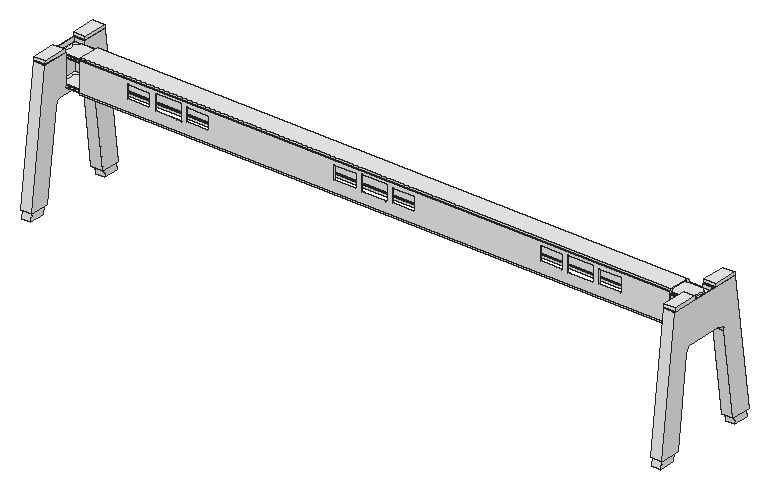
Revit family "Desk_Structures-Teknion-JNDBB_Structural_Beam_Low_Double_Sided-R2018", category Furniture, Revit 2018 (continued)
Dimensions and locks (in)
  Sweep 10 sketch curve to Sweep 10 sketch curve to Sweep 10 sketch curve to Sweep 10 sketch curve to Sweep 10 sketch curve to Sweep 10 sketch curve to plane 1 "Center Front/Back" to Sweep 10 sketch curve to Sweep 10 sketch curve to Sweep 10 sketch curve to Sweep 10 sketch curve to Sweep 10 sketch curve to Sweep 10 sketch curve = 2.17332" locked, 0.01555" locked, 0.04924" locked, 0.28346" locked, 2.85225" locked, 1.69291" locked, 1.69291" locked, 2.85225" locked, 0.28346" locked, 0.04924" locked, 0.01555" locked, 2.17332" locked
  "Side B Leg Center Offset": plane 10 to plane 12
  Sweep 11 sketch curve to plane 12 to Sweep 11 sketch curve = 0.750" locked, 0.750" locked
  Sweep 11 sketch curve to Sweep 11 sketch curve to Sweep 11 sketch curve to Sweep 11 sketch curve to Sweep 11 sketch curve to Sweep 11 sketch curve to Sweep 11 sketch curve to Sweep 11 sketch curve to Sweep 10 to plane 1 "Center Front/Back" to Sweep 10 to Sweep 11 sketch curve to Sweep 11 sketch curve to Sweep 11 sketch curve to Sweep 11 sketch curve to Sweep 11 sketch curve to Sweep 11 sketch curve to Sweep 11 sketch curve to Sweep 11 sketch curve = 2.17332" locked, 0.01555" locked, 0.04924" locked, 0.28346" locked, 1.43239" locked, 0.85521" locked, 0.000" locked, 0.56466" locked, 1.69291" locked, 1.69291" locked, 0.56466" locked, 0.000" locked, 0.85521" locked, 1.43239" locked, 0.28346" locked, 0.04924" locked, 0.01555" locked, 2.17332" locked
  Sweep 11 sketch curve to Sweep 11 sketch curve to Sweep 11 sketch curve to Sweep 11 sketch curve to Sweep 11 sketch curve to plane 8 "Top" to Sweep 11 sketch curve to Sweep 11 sketch curve to Sweep 11 sketch curve = 0.000" locked, 0.37402" locked, 0.000" locked, 0.11811" locked, 0.000" locked, 4.87795" locked, 11.63005" locked, 0.000" locked
  Sweep 12 sketch curve to Sweep 12 sketch curve to plane 8 "Top" = 0.11811" locked, 0.000" locked
  Sweep 12 sketch curve to Sweep 12 sketch curve to plane 11 to Sweep 12 sketch curve to Sweep 12 sketch curve = 0.000" locked, 0.69094" locked, 0.69094" locked, 0.000" locked
  Sweep 12 sketch curve to Sweep 12 sketch curve to plane 1 "Center Front/Back" to Sweep 12 sketch curve to Sweep 12 sketch curve = 3.07666" locked, 1.69291" locked, 1.69291" locked, 3.07666" locked
  Sweep 13 sketch curve to Sweep 13 sketch curve to plane 8 "Top" = 0.11811" locked, 0.000" locked
  Sweep 13 sketch curve to Sweep 13 sketch curve to plane 12 to Sweep 13 sketch curve to Sweep 13 sketch curve = 0.000" locked, 0.69094" locked, 0.69094" locked, 0.000" locked
  Sweep 13 sketch curve to Sweep 13 sketch curve to plane 1 "Center Front/Back" to Sweep 13 sketch curve to Sweep 13 sketch curve = 3.07666" locked, 1.69291" locked, 1.69291" locked, 3.07666" locked
  Sweep 14 sketch curve to plane 11 to Sweep 14 sketch curve = 0.59252" locked, 0.59252" locked
  Sweep 14 sketch curve to Sweep 14 sketch curve to level to Sweep 14 sketch curve to Sweep 14 sketch curve = 0.000" locked, 1.000" locked, 0.000" locked, 0.000" locked
  Sweep 14 sketch curve to Sweep 14 sketch curve to Sweep 14 sketch curve to Sweep 14 sketch curve to plane 1 "Center Front/Back" to Sweep 14 sketch curve to Sweep 14 sketch curve to Sweep 14 sketch curve to Sweep 14 sketch curve = 0.13165" locked, 1.91559" locked, 0.13165" locked, 4.8817" locked, 4.8817" locked, 0.13165" locked, 1.91559" locked, 0.13165" locked
  Sweep 15 sketch curve to plane 12 to Sweep 15 sketch curve = 0.59252" locked, 0.59252" locked
  Sweep 15 sketch curve to Sweep 15 sketch curve to Sweep 15 sketch curve to Sweep 15 sketch curve to level = 0.000" locked, 1.000" locked, 0.000" locked, 0.000" locked
  Sweep 15 sketch curve to Sweep 15 sketch curve to Sweep 15 sketch curve to Sweep 15 sketch curve to plane 1 "Center Front/Back" to Sweep 15 sketch curve to Sweep 15 sketch curve to Sweep 15 sketch curve to Sweep 15 sketch curve = 0.13165" locked, 1.91559" locked, 0.13165" locked, 4.8817" locked, 4.8817" locked, 0.13165" locked, 1.91559" locked, 0.13165" locked
  "Side A Leg Center Offset": Sweep 16 sketch curve to Sweep 16 sketch curve
  locked: plane 11 to Sweep 16 sketch curve at 2.00411
  locked: Sweep 16 sketch curve to plane 8 "Top" at 0
  Sweep 16 sketch curve to plane 1 "Center Front/Back" to Sweep 16 sketch curve = 1.5748" locked, 1.5748" locked
  "Side A Leg Cutout Offset": plane 8 "Top" to Sweep 16 sketch curve
  "Side B Leg Center Offset": Sweep 17 sketch curve to Sweep 17 sketch curve
  locked: Sweep 17 sketch curve to plane 12 at 2.004
  locked: plane 8 "Top" to Sweep 17 sketch curve at 0
  Sweep 17 sketch curve to plane 1 "Center Front/Back" to Sweep 17 sketch curve = 1.5748" locked, 1.5748" locked
  "Side B Leg Cutout Offset": plane 8 "Top" to Sweep 17 sketch curve
  Sweep 18 sketch curve to plane 1 "Center Front/Back" to Sweep 18 sketch curve = 1.5748" locked, 1.5748" locked
  plane 9 to Sweep 18 sketch curve to Sweep 18 sketch curve to Sweep 18 sketch curve to Sweep 18 sketch curve = 0.11828" locked, 0.000" locked, 3.0315" locked, 0.11811" locked
  plane 8 "Top" to Sweep 18 sketch curve to Sweep 18 sketch curve to Sweep 18 sketch curve to Sweep 18 sketch curve = 0.43307" locked, 0.11811" locked, 3.35433" locked, 0.11949" locked
  Sweep 19 sketch curve to plane 1 "Center Front/Back" to Sweep 19 sketch curve = 1.5748" locked, 1.5748" locked
  Sweep 19 sketch curve to Sweep 19 sketch curve to Sweep 19 sketch curve to Sweep 19 sketch curve to plane 10 = 0.11811" locked, 3.0315" locked, 0.000" locked, 0.11828" locked
  plane 8 "Top" to Sweep 19 sketch curve to Sweep 19 sketch curve to Sweep 19 sketch curve to Sweep 19 sketch curve = 0.43307" locked, 0.11811" locked, 3.35433" locked, 0.11949" locked
  Sweep 20 sketch curve to Sweep 20 sketch curve to plane 9 = 6.29921" locked, 0.23639" locked
  plane 8 "Top" to Sweep 20 sketch curve to Sweep 20 sketch curve to Sweep 20 sketch curve to Sweep 20 sketch curve = 0.43307" locked, 0.11811" locked, 3.35433" locked, 0.11949" locked
  Sweep 20 sketch curve to Sweep 20 sketch curve to plane 1 "Center Front/Back" to Sweep 20 sketch curve to Sweep 20 sketch curve = 0.000" locked, 1.5748" locked, 1.5748" locked, 0.000" locked
  Sweep 21 sketch curve to Sweep 21 sketch curve to plane 9 = 3.14961" locked, 1.8112" locked
  Sweep 21 sketch curve to Sweep 21 sketch curve to plane 1 "Center Front/Back" to Sweep 21 sketch curve to Sweep 21 sketch curve = 0.11811" locked, 1.45669" locked, 1.45669" locked, 0.11811" locked
  plane 8 "Top" to Sweep 21 sketch curve to Sweep 21 sketch curve to Sweep 21 sketch curve to Sweep 21 sketch curve = 0.55118" locked, 0.000" locked, 3.35433" locked, 0.000" locked
  plane 10 to Sweep 22 sketch curve to Sweep 22 sketch curve = 0.23639" locked, 6.29921" locked
  Sweep 22 sketch curve to Sweep 22 sketch curve to plane 1 "Center Front/Back" to Sweep 22 sketch curve to Sweep 22 sketch curve = 0.000" locked, 1.5748" locked, 1.5748" locked, 0.000" locked
  plane 8 "Top" to Sweep 22 sketch curve to Sweep 22 sketch curve to Sweep 22 sketch curve to Sweep 22 sketch curve = 0.43307" locked, 0.11793" locked, 3.35451" locked, 0.11949" locked
  plane 10 to Sweep 23 sketch curve to Sweep 23 sketch curve = 1.8112", 3.14961"
  Sweep 23 sketch curve to Sweep 23 sketch curve to Sweep 23 sketch curve to Sweep 23 sketch curve = 0.11811" locked, 2.91339" locked, 0.11811" locked
  plane 8 "Top" to Sweep 23 sketch curve to Sweep 23 sketch curve to Sweep 23 sketch curve to Sweep 23 sketch curve = 0.55118" locked, 0.000" locked, 3.35433" locked, 0.000" locked
  plane 8 "Top" to Sweep 24 sketch curve to Sweep 24 sketch curve = 0.43307" locked, 0.18812" locked
  Sweep 24 sketch curve to Sweep 24 sketch curve to Sweep 24 sketch curve to Sweep 24 sketch curve to Sweep 24 sketch curve to plane 9 = 2.08846" locked, 0.63917" locked, 1.17925" locked, 2.3585" locked, 0.11828" locked
  Sweep 24 sketch curve to plane 1 "Center Front/Back" to Sweep 24 sketch curve to Sweep 24 sketch curve to Sweep 24 sketch curve = 1.5748" locked, 1.5748" locked, 0.46772" locked, 1.5748" locked
  plane 8 "Top" to Sweep 25 sketch curve to Sweep 25 sketch curve = 3.90551" locked, 0.18812" locked
  Sweep 25 sketch curve to Sweep 25 sketch curve to Sweep 25 sketch curve to Sweep 25 sketch curve to Sweep 25 sketch curve to plane 9 = 2.08846" locked, 0.63917" locked, 1.17925" locked, 2.3585" locked, 0.11828" locked
  Sweep 25 sketch curve to Sweep 25 sketch curve to Sweep 25 sketch curve to plane 1 "Center Front/Back" to Sweep 25 sketch curve = 1.5748" locked, 0.46772" locked, 1.5748" locked, 1.5748" locked
  plane 8 "Top" to Sweep 26 sketch curve to Sweep 26 sketch curve = 0.62119" locked, 3.28432" locked
  Sweep 26 sketch curve to Sweep 26 sketch curve to Sweep 26 sketch curve to Sweep 26 sketch curve to Sweep 26 sketch curve to plane 9 = 0.10229" locked, 0.32551" locked, 0.06819" locked, 0.7874" locked, 1.68939" locked
  Sweep 26 sketch curve to Sweep 26 sketch curve to Sweep 26 sketch curve to Sweep 26 sketch curve to plane 1 "Center Front/Back" = 0.05906" locked, 0.62285" locked, 0.11811" locked, 1.45669" locked
  plane 8 "Top" to Sweep 27 sketch curve to Sweep 27 sketch curve = 0.000" locked, 4.33083" locked
  Sweep 27 sketch curve to Sweep 27 sketch curve to Sweep 27 sketch curve to Sweep 27 sketch curve to Sweep 27 sketch curve to plane 9 = 0.10229" locked, 0.87519" locked, 0.06819" locked, 1.88677" locked, 2.40844" locked
  Sweep 27 sketch curve to Sweep 27 sketch curve to plane 1 "Center Front/Back" to Sweep 27 sketch curve to Sweep 27 sketch curve = 0.05906" locked, 0.00013" locked, 1.5748" locked, 0.11811" locked
  equal spacing: plane 8 "Top", Sweep 28 sketch curve, Sweep 28 sketch curve
  Sweep 28 sketch curve to Sweep 28 sketch curve to Sweep 28 sketch curve to Sweep 28 sketch curve to plane 9 = 0.750" locked, 0.54904" locked, 0.750" locked, 2.36148" locked
  Sweep 28 sketch curve to Sweep 28 sketch curve to plane 1 "Center Front/Back" to Sweep 28 sketch curve to Sweep 28 sketch curve = 0.750" locked, 0.27452" locked, 0.27452" locked, 0.750" locked
  plane 8 "Top" to Sweep 29 sketch curve to Sweep 29 sketch curve = 16.508" locked, 1.000" locked
  Sweep 29 sketch curve to Sweep 29 sketch curve to Sweep 29 sketch curve to Sweep 29 sketch curve to plane 9 = 0.60433" locked, 0.4424" locked, 0.60433" locked, 2.56047" locked
  Sweep 29 sketch curve to Sweep 29 sketch curve to plane 1 "Center Front/Back" to Sweep 29 sketch curve to Sweep 29 sketch curve = 0.60433" locked, 0.2212" locked, 0.2212" locked, 0.60433" locked
  Sweep 30 sketch curve to plane 8 "Top" to Sweep 30 sketch curve = 0.492" locked, 0.000" locked
  Sweep 30 sketch curve to Sweep 30 sketch curve to Sweep 30 sketch curve to plane 9 = 0.9774" locked, 1.95481" locked, 2.4086" locked
  Sweep 30 sketch curve to plane 1 "Center Front/Back" to Sweep 30 sketch curve to Sweep 30 sketch curve = 1.69291" locked, 0.000" locked, 1.69291" locked
  plane 8 "Top" to Sweep 31 sketch curve to Sweep 31 sketch curve = 0.43307" locked, 0.18812" locked
  Sweep 31 sketch curve to Sweep 31 sketch curve to Sweep 31 sketch curve to plane 1 "Center Front/Back" to Sweep 31 sketch curve = 1.5748" locked, 0.46772" locked, 1.5748" locked, 1.5748" locked
  plane 10 to Sweep 31 sketch curve to Sweep 31 sketch curve to Sweep 31 sketch curve to Sweep 31 sketch curve to Sweep 31 sketch curve = 0.11828" locked, 2.3585" locked, 1.17925" locked, 0.63917" locked, 2.08846" locked
  plane 8 "Top" to Sweep 32 sketch curve to Sweep 32 sketch curve = 3.90551" locked, 0.18812" locked
  plane 10 to Sweep 32 sketch curve to Sweep 32 sketch curve to Sweep 32 sketch curve to Sweep 32 sketch curve to Sweep 32 sketch curve = 0.11828" locked, 2.3585" locked, 1.17925" locked, 0.63917" locked, 2.08846" locked
  Sweep 32 sketch curve to Sweep 32 sketch curve to Sweep 32 sketch curve to plane 1 "Center Front/Back" to Sweep 32 sketch curve = 1.5748" locked, 0.46772" locked, 1.5748" locked, 1.5748" locked
  plane 8 "Top" to Sweep 33 sketch curve to Sweep 33 sketch curve = 0.62119" locked, 3.28432" locked
  plane 10 to Sweep 33 sketch curve to Sweep 33 sketch curve to Sweep 33 sketch curve to Sweep 33 sketch curve to Sweep 33 sketch curve = 1.68939" locked, 0.7874" locked, 0.06819" locked, 0.32551" locked, 0.10229" locked
  Sweep 33 sketch curve to Sweep 33 sketch curve to Sweep 33 sketch curve to Sweep 33 sketch curve to plane 1 "Center Front/Back" = 0.05906" locked, 0.62285" locked, 0.11811" locked, 1.45669" locked
  plane 8 "Top" to Sweep 34 sketch curve to Sweep 34 sketch curve = 0.000" locked, 4.33083" locked
  plane 10 to Sweep 34 sketch curve to Sweep 34 sketch curve to Sweep 34 sketch curve to Sweep 34 sketch curve to Sweep 34 sketch curve = 2.4086" locked, 1.88662" locked, 0.06819" locked, 0.87512" locked, 0.10229" locked
  Sweep 34 sketch curve to plane 1 "Center Front/Back" to Sweep 34 sketch curve to Sweep 34 sketch curve to Sweep 34 sketch curve = 0.05906" locked, 0.000" locked, 1.5748" locked, 0.11811" locked
  plane 8 "Top" to Sweep 35 sketch curve to Sweep 35 sketch curve = 4.09363" locked, 12.41437" locked
  plane 10 to Sweep 35 sketch curve to Sweep 35 sketch curve to Sweep 35 sketch curve to Sweep 35 sketch curve = 2.36148" locked, 0.750" locked, 0.54904" locked, 0.750" locked
  Sweep 35 sketch curve to Sweep 35 sketch curve to plane 1 "Center Front/Back" to Sweep 35 sketch curve to Sweep 35 sketch curve = 0.750" locked, 0.27452" locked, 0.27452" locked, 0.750" locked
  plane 8 "Top" to Sweep 36 sketch curve to Sweep 36 sketch curve = 16.508" locked, 1.000" locked
  plane 10 to Sweep 36 sketch curve to Sweep 36 sketch curve to Sweep 36 sketch curve to Sweep 36 sketch curve = 2.56047" locked, 0.60433" locked, 0.4424" locked, 0.60433" locked
  Sweep 36 sketch curve to Sweep 36 sketch curve to plane 1 "Center Front/Back" to Sweep 36 sketch curve to Sweep 36 sketch curve = 0.60433" locked, 0.2212" locked, 0.2212" locked, 0.60433" locked
  Sweep 37 sketch curve to plane 8 "Top" to Sweep 37 sketch curve = 0.49213" locked, 0.000" locked
  plane 10 to Sweep 37 sketch curve to Sweep 37 sketch curve to Sweep 37 sketch curve = 2.4086" locked, 1.95481" locked, 0.9774" locked
  Sweep 37 sketch curve to plane 1 "Center Front/Back" to Sweep 37 sketch curve to Sweep 37 sketch curve = 1.69291" locked, 0.000" locked, 1.69291" locked
  plane 8 "Top" to Sweep 38 sketch curve to Sweep 38 sketch curve = 0.43307" locked, 0.18812" locked
  Sweep 38 sketch curve to Sweep 38 sketch curve to Sweep 38 sketch curve to Sweep 38 sketch curve to Sweep 38 sketch curve to Sweep 38 sketch curve to Sweep 38 sketch curve to Sweep 38 sketch curve to plane 9 = 0.000" locked, 1.17925" locked, 1.54839" locked, 0.000" locked, 1.17925" locked, 0.000" locked, 2.3585" locked, 0.11828" locked
  Sweep 38 sketch curve to Sweep 38 sketch curve to Sweep 38 sketch curve to plane 1 "Center Front/Back" to Sweep 38 sketch curve to Sweep 38 sketch curve to Sweep 38 sketch curve to Sweep 38 sketch curve = 1.5748" locked, 0.46772" locked, 1.5748" locked, 0.000" locked, 1.5748" locked, 0.46772" locked, 1.5748" locked
  plane 8 "Top" to Sweep 39 sketch curve to Sweep 39 sketch curve = 3.90551" locked, 0.18812" locked
  Sweep 39 sketch curve to Sweep 39 sketch curve to Sweep 39 sketch curve to plane 1 "Center Front/Back" to Sweep 39 sketch curve to Sweep 39 sketch curve to Sweep 39 sketch curve to Sweep 39 sketch curve = 1.5748" locked, 0.46772" locked, 1.5748" locked, 0.000" locked, 1.5748" locked, 0.46772" locked, 1.5748" locked
  Sweep 39 sketch curve to Sweep 39 sketch curve to Sweep 39 sketch curve to Sweep 39 sketch curve to Sweep 39 sketch curve to Sweep 39 sketch curve to Sweep 39 sketch curve to Sweep 39 sketch curve to plane 9 = 0.000" locked, 1.17925" locked, 1.54839" locked, 0.000" locked, 1.17925" locked, 0.000" locked, 2.3585" locked, 0.11828" locked
  plane 8 "Top" to Sweep 40 sketch curve to Sweep 40 sketch curve = 0.62119" locked, 3.28432" locked
  Sweep 40 sketch curve to Sweep 40 sketch curve to Sweep 40 sketch curve to Sweep 40 sketch curve to Sweep 40 sketch curve to Sweep 40 sketch curve to Sweep 40 sketch curve to Sweep 40 sketch curve to Sweep 40 sketch curve to Sweep 40 sketch curve to Sweep 40 sketch curve to Sweep 40 sketch curve to Sweep 40 sketch curve to Sweep 40 sketch curve to Sweep 40 sketch curve to Sweep 40 sketch curve to plane 9 = 0.000" locked, 0.09206" locked, 0.000" locked, 0.30164" locked, 0.12274" locked, 2.11914" locked, 0.000" locked, 0.09206" locked, 0.000" locked, 0.33233" locked, 0.000" locked, 0.06137" locked, 0.000" locked, 0.7874" locked, 0.000" locked, 1.68939" locked
  Sweep 40 sketch curve to Sweep 40 sketch curve to Sweep 40 sketch curve to Sweep 40 sketch curve to Sweep 40 sketch curve to Sweep 40 sketch curve to plane 1 "Center Front/Back" to Sweep 40 sketch curve to Sweep 40 sketch curve to Sweep 40 sketch curve to Sweep 40 sketch curve to Sweep 40 sketch curve to Sweep 40 sketch curve to Sweep 40 sketch curve to Sweep 40 sketch curve = 0.05315" locked, 0.62876" locked, 0.1063" locked, 0.73344" locked, 0.05315" locked, 0.68191" locked, 0.000" locked, 0.000" locked, 0.68191" locked, 0.05315" locked, 0.73344" locked, 0.1063" locked, 0.62876" locked, 0.05315" locked
  plane 8 "Top" to Sweep 41 sketch curve to Sweep 41 sketch curve = 4.09363" locked, 12.41437" locked
  Sweep 41 sketch curve to Sweep 41 sketch curve to plane 9 = 1.500" locked, 2.636" locked
  Sweep 41 sketch curve to plane 1 "Center Front/Back" to Sweep 41 sketch curve = 0.75008" locked, 0.750" locked
  Sweep 42 sketch curve to Sweep 42 sketch curve to plane 8 "Top" = 1.000" locked, 16.508" locked
  Sweep 42 sketch curve to Sweep 42 sketch curve to plane 9 = 1.20866" locked, 2.78167" locked
  Sweep 42 sketch curve to plane 1 "Center Front/Back" to Sweep 42 sketch curve = 0.60433" locked, 0.60433" locked
  Sweep 43 sketch curve to plane 8 "Top" to Sweep 43 sketch curve = 0.492" locked, 0.000" locked
  Sweep 43 sketch curve to Sweep 43 sketch curve to plane 9 = 2.93221" locked, 2.4086" locked
  Sweep 43 sketch curve to plane 1 "Center Front/Back" to Sweep 43 sketch curve to Sweep 43 sketch curve = 1.69291" locked, 0.000" locked, 1.69291" locked
  plane 8 "Top" to Sweep 44 sketch curve to Sweep 44 sketch curve = 0.43307" locked, 0.18812" locked
  plane 10 to Sweep 44 sketch curve to Sweep 44 sketch curve to Sweep 44 sketch curve to Sweep 44 sketch curve to Sweep 44 sketch curve to Sweep 44 sketch curve to Sweep 44 sketch curve to Sweep 44 sketch curve = 0.11828" locked, 2.3585" locked, 0.000" locked, 1.17925" locked, 0.000" locked, 1.54839" locked, 1.17925" locked, 0.000" locked
  Sweep 44 sketch curve to Sweep 44 sketch curve to Sweep 44 sketch curve to plane 1 "Center Front/Back" to Sweep 44 sketch curve to Sweep 44 sketch curve to Sweep 44 sketch curve to Sweep 44 sketch curve = 1.5748" locked, 0.46772" locked, 1.5748" locked, 0.000" locked, 1.5748" locked, 0.46772" locked, 1.5748" locked
  plane 8 "Top" to Sweep 45 sketch curve to Sweep 45 sketch curve = 3.90551" locked, 0.18812" locked
  plane 10 to Sweep 45 sketch curve to Sweep 45 sketch curve to Sweep 45 sketch curve to Sweep 45 sketch curve to Sweep 45 sketch curve to Sweep 45 sketch curve to Sweep 45 sketch curve to Sweep 45 sketch curve = 0.11828" locked, 2.3585" locked, 0.000" locked, 1.17925" locked, 0.000" locked, 1.54839" locked, 1.17925" locked, 0.000" locked
  Sweep 45 sketch curve to Sweep 45 sketch curve to Sweep 45 sketch curve to plane 1 "Center Front/Back" to Sweep 45 sketch curve to Sweep 45 sketch curve to Sweep 45 sketch curve to Sweep 45 sketch curve = 1.5748" locked, 0.46772" locked, 1.5748" locked, 0.000" locked, 1.5748" locked, 0.46772" locked, 1.5748" locked
  plane 8 "Top" to Sweep 46 sketch curve to Sweep 46 sketch curve = 0.62119" locked, 3.28432" locked
  plane 10 to Sweep 46 sketch curve to Sweep 46 sketch curve to Sweep 46 sketch curve to Sweep 46 sketch curve to Sweep 46 sketch curve to Sweep 46 sketch curve to Sweep 46 sketch curve to Sweep 46 sketch curve to Sweep 46 sketch curve to Sweep 46 sketch curve to Sweep 46 sketch curve to Sweep 46 sketch curve to Sweep 46 sketch curve to Sweep 46 sketch curve to Sweep 46 sketch curve to Sweep 46 sketch curve = 1.68939" locked, 0.000" locked, 0.7874" locked, 0.000" locked, 0.06137" locked, 0.000" locked, 0.33233" locked, 0.000" locked, 0.09206" locked, 0.000" locked, 2.11914" locked, 0.12274" locked, 0.30164" locked, 0.000" locked, 0.09206" locked, 0.000" locked
  Sweep 46 sketch curve to Sweep 46 sketch curve to Sweep 46 sketch curve to Sweep 46 sketch curve to Sweep 46 sketch curve to Sweep 46 sketch curve to plane 1 "Center Front/Back" to Sweep 46 sketch curve to Sweep 46 sketch curve to Sweep 46 sketch curve to Sweep 46 sketch curve to Sweep 46 sketch curve to Sweep 46 sketch curve to Sweep 46 sketch curve to Sweep 46 sketch curve = 0.05315" locked, 0.62876" locked, 0.1063" locked, 0.73344" locked, 0.05315" locked, 0.68191" locked, 0.000" locked, 0.000" locked, 0.68191" locked, 0.05315" locked, 0.73344" locked, 0.1063" locked, 0.62876" locked, 0.05315" locked
  plane 8 "Top" to Sweep 47 sketch curve to Sweep 47 sketch curve = 4.09363" locked, 12.41437" locked
  plane 10 to Sweep 47 sketch curve to Sweep 47 sketch curve = 2.636" locked, 1.500" locked
  Sweep 47 sketch curve to plane 1 "Center Front/Back" to Sweep 47 sketch curve = 0.750" locked, 0.750" locked
  plane 8 "Top" to Sweep 48 sketch curve to Sweep 48 sketch curve = 16.508" locked, 1.000" locked
  plane 10 to Sweep 48 sketch curve to Sweep 48 sketch curve = 2.78167" locked, 1.20866" locked
  Sweep 48 sketch curve to plane 1 "Center Front/Back" to Sweep 48 sketch curve = 0.60433" locked, 0.60433" locked
  Sweep 49 sketch curve to plane 8 "Top" to Sweep 49 sketch curve = 0.49213" locked, 0.000" locked
  plane 10 to Sweep 49 sketch curve to Sweep 49 sketch curve = 2.4086" locked, 2.93221" locked
  Sweep 49 sketch curve to plane 1 "Center Front/Back" to Sweep 49 sketch curve to Sweep 49 sketch curve = 1.69291" locked, 0.000" locked, 1.69291" locked
  equal spacing: plane 6 "Back", plane 1 "Center Front/Back", plane 7 "Front"
  Masking region 1 sketch curve to plane 1 "Center Front/Back" to Masking region 1 sketch curve = 1.3248" locked, 1.3248" locked
  Masking region 2 sketch curve to Masking region 2 sketch curve to plane 1 "Center Front/Back" to Masking region 2 sketch curve to Masking region 2 sketch curve = 0.25249" locked, 1.3248" locked, 1.3248" locked, 0.250" locked
  plane 9 to Masking region 2 sketch curve to Masking region 2 sketch curve = 0.000" locked, 0.000" locked
  plane 10 to Masking region 2 sketch curve to Masking region 2 sketch curve = 0.000" locked, 0.000" locked
  Masking region 3 sketch curve to Masking region 3 sketch curve to plane 1 "Center Front/Back" to Masking region 3 sketch curve to Masking region 3 sketch curve = 0.11551" locked, 1.5773" locked, 1.5748" locked, 0.118" locked
  plane 9 to Masking region 3 sketch curve to Masking region 3 sketch curve = 0.000" locked, 0.000" locked
  plane 10 to Masking region 3 sketch curve to Masking region 3 sketch curve = 0.000" locked, 0.000" locked
  Masking region 4 sketch curve to plane 10 to Masking region 4 sketch curve to Masking region 4 sketch curve to Masking region 4 sketch curve to Masking region 4 sketch curve to Masking region 4 sketch curve = 0.000" locked, 2.06127" locked, 0.000" locked, 0.62883" locked, 0.000" locked, 0.82337" locked
  Masking region 4 sketch curve to Masking region 4 sketch curve to plane 1 "Center Front/Back" to Masking region 4 sketch curve to Masking region 4 sketch curve = 0.62883" locked, 0.69597" locked, 0.69597" locked, 0.62883" locked  (x2)
  Masking region 4 sketch curve to Masking region 4 sketch curve to Masking region 4 sketch curve to Masking region 4 sketch curve to Masking region 4 sketch curve to plane 9 to Masking region 4 sketch curve = 0.82337" locked, 0.000" locked, 0.62883" locked, 0.000" locked, 2.06127" locked, 0.000" locked
  Masking region 6 sketch curve to Masking region 6 sketch curve to Masking region 6 sketch curve to Masking region 6 sketch curve to plane 9 = 0.11811" locked, 1.38189" locked, 0.000" locked, 1.886" locked
  Masking region 6 sketch curve to Masking region 6 sketch curve to plane 1 "Center Front/Back" to Masking region 6 sketch curve to Masking region 6 sketch curve = 0.11811" locked, 1.5748" locked, 1.5748" locked, 0.11811" locked
  Masking region 7 sketch curve to Masking region 7 sketch curve to Masking region 7 sketch curve to Masking region 7 sketch curve to Masking region 7 sketch curve to Masking region 7 sketch curve to Masking region 7 sketch curve to Masking region 7 sketch curve to plane 9 = 0.24558" locked, 0.57778" locked, 0.000" locked, 0.62883" locked, 0.000" locked, 1.94299" locked, 0.000" locked, 0.11828" locked
  Masking region 7 sketch curve to Masking region 7 sketch curve to Masking region 7 sketch curve to plane 1 "Center Front/Back" to Masking region 7 sketch curve to Masking region 7 sketch curve to Masking region 7 sketch curve = 0.250" locked, 0.62883" locked, 0.69597" locked, 0.69597" locked, 0.62883" locked, 0.250" locked
  Masking region 8 sketch curve to Masking region 8 sketch curve to plane 11 to Masking region 8 sketch curve to Masking region 8 sketch curve = 0.000" locked, 0.750" locked, 0.750" locked, 0.000" locked
  Masking region 8 sketch curve to Masking region 8 sketch curve to plane 1 "Center Front/Back" to Masking region 8 sketch curve to Masking region 8 sketch curve = 2.23197" locked, 4.82863" locked, 4.82863" locked, 2.23197" locked
  Masking region 9 sketch curve to Masking region 9 sketch curve to Masking region 9 sketch curve to Masking region 9 sketch curve to Masking region 9 sketch curve to Masking region 9 sketch curve to Masking region 9 sketch curve to Masking region 9 sketch curve to Masking region 9 sketch curve to Masking region 9 sketch curve to Masking region 9 sketch curve to Masking region 9 sketch curve to Masking region 9 sketch curve to Masking region 9 sketch curve to plane 9 = 0.000" locked, 1.82488" locked, 0.000" locked, 0.62883" locked, 0.000" locked, 0.56842" locked, 0.25495" locked, 0.56842" locked, 0.000" locked, 0.62883" locked, 0.000" locked, 1.82488" locked, 0.000" locked, 0.23639" locked
  Masking region 9 sketch curve to Masking region 9 sketch curve to Masking region 9 sketch curve to Masking region 9 sketch curve to Masking region 9 sketch curve to plane 1 "Center Front/Back" to Masking region 9 sketch curve to Masking region 9 sketch curve to Masking region 9 sketch curve to Masking region 9 sketch curve to Masking region 9 sketch curve = 0.250" locked, 0.000" locked, 0.62883" locked, 0.000" locked, 0.69597" locked, 0.69597" locked, 0.000" locked, 0.62883" locked, 0.000" locked, 0.250" locked
  Masking region 10 sketch curve to Masking region 10 sketch curve to plane 11 to Masking region 10 sketch curve to Masking region 10 sketch curve = 0.000" locked, 0.750" locked, 0.750" locked, 0.000" locked
  Masking region 10 sketch curve to Masking region 10 sketch curve to plane 1 "Center Front/Back" to Masking region 10 sketch curve to Masking region 10 sketch curve = 0.11811" locked, 1.5748" locked, 1.5748" locked, 0.11811" locked
  Masking region 5 sketch curve to Masking region 5 sketch curve to plane 11 to Masking region 5 sketch curve to Masking region 5 sketch curve = 0.000" locked, 0.750" locked, 0.750" locked, 0.000" locked
  Masking region 5 sketch curve to Masking region 5 sketch curve to plane 1 "Center Front/Back" to Masking region 5 sketch curve to Masking region 5 sketch curve = 3.13572" locked, 1.69291" locked, 1.69291" locked, 3.13572" locked
  Masking region 11 sketch curve to Masking region 11 sketch curve to Masking region 11 sketch curve to Masking region 11 sketch curve to Masking region 11 sketch curve to Masking region 11 sketch curve to Masking region 11 sketch curve to Masking region 11 sketch curve to Masking region 11 sketch curve to Masking region 11 sketch curve to Masking region 11 sketch curve to Masking region 11 sketch curve to Masking region 11 sketch curve to Masking region 11 sketch curve to Masking region 11 sketch curve to Masking region 11 sketch curve to Masking region 11 sketch curve to Masking region 11 sketch curve to Masking region 11 sketch curve to Masking region 11 sketch curve to Masking region 11 sketch curve to Masking region 11 sketch curve to Masking region 11 sketch curve to Masking region 11 sketch curve to Masking region 11 sketch curve to Masking region 11 sketch curve to plane 9 = 0.000" locked, 0.21651" locked, 0.000" locked, 0.92865" locked, 0.000" locked, 0.04284" locked, 0.000" locked, 0.47445" locked, 0.000" locked, 0.84868" locked, 0.000" locked, 0.21651" locked, 0.000" locked, 0.62786" locked, 0.000" locked, 0.12713" locked, 0.000" locked, 0.39017" locked, 0.000" locked, 0.10229" locked, 0.000" locked, 0.34732" locked, 0.000" locked, 1.94299" locked, 0.000" locked, 0.11828" locked
  Masking region 11 sketch curve to Masking region 11 sketch curve to Masking region 11 sketch curve to Masking region 11 sketch curve to Masking region 11 sketch curve to Masking region 11 sketch curve to Masking region 11 sketch curve to Masking region 11 sketch curve to Masking region 11 sketch curve to Masking region 11 sketch curve to Masking region 11 sketch curve to Masking region 11 sketch curve to plane 1 "Center Front/Back" to Masking region 11 sketch curve to Masking region 11 sketch curve to Masking region 11 sketch curve to Masking region 11 sketch curve to Masking region 11 sketch curve to Masking region 11 sketch curve to Masking region 11 sketch curve to Masking region 11 sketch curve to Masking region 11 sketch curve to Masking region 11 sketch curve to Masking region 11 sketch curve to Masking region 11 sketch curve to Masking region 11 sketch curve = 0.125" locked, 1.3248" locked, 0.125" locked, 0.23288" locked, 0.23485" locked, 0.23961" locked, 0.01039" locked, 0.34732" locked, 0.49263" locked, 0.12713" locked, 0.29866" locked, 0.05906" locked, 0.05906" locked, 0.29866" locked, 0.12713" locked, 0.49263" locked, 0.34732" locked, 0.01039" locked, 0.23961" locked, 0.05906" locked, 0.17579" locked, 0.23288" locked, 0.125" locked, 1.3248" locked, 0.125" locked
  Masking region 12 sketch curve to Masking region 12 sketch curve to plane 9 = 2.93221" locked, 2.4086" locked
  Masking region 12 sketch curve to plane 1 "Center Front/Back" to Masking region 12 sketch curve to Masking region 12 sketch curve = 1.69291" locked, 0.000" locked, 1.69291" locked
  Masking region 13 sketch curve to Masking region 13 sketch curve to Masking region 13 sketch curve to Masking region 13 sketch curve to Masking region 13 sketch curve to Masking region 13 sketch curve to Masking region 13 sketch curve to Masking region 13 sketch curve to Masking region 13 sketch curve to Masking region 13 sketch curve to Masking region 13 sketch curve to Masking region 13 sketch curve to Masking region 13 sketch curve to Masking region 13 sketch curve to Masking region 13 sketch curve to Masking region 13 sketch curve to plane 9 = 0.21651" locked, 0.92865" locked, 0.04284" locked, 0.47445" locked, 0.84868" locked, 0.21651" locked, 0.62786" locked, 0.12713" locked, 0.39017" locked, 0.10229" locked, 0.000" locked, 0.34732" locked, 0.000" locked, 1.94299" locked, 0.000" locked, 0.11828" locked
  Masking region 13 sketch curve to Masking region 13 sketch curve to Masking region 13 sketch curve to Masking region 13 sketch curve to Masking region 13 sketch curve to Masking region 13 sketch curve to Masking region 13 sketch curve to Masking region 13 sketch curve to Masking region 13 sketch curve to Masking region 13 sketch curve to Masking region 13 sketch curve to Masking region 13 sketch curve to Masking region 13 sketch curve to plane 1 "Center Front/Back" to Masking region 13 sketch curve to Masking region 13 sketch curve to Masking region 13 sketch curve = 0.125" locked, 1.3248" locked, 0.125" locked, 0.23288" locked, 0.17579" locked, 0.05906" locked, 0.23961" locked, 0.01039" locked, 0.34732" locked, 0.49263" locked, 0.12713" locked, 0.29866" locked, 0.05906" locked, 0.97748" locked, 0.34732" locked, 0.250" locked
  Masking region 14 sketch curve to Masking region 14 sketch curve to Masking region 14 sketch curve to plane 9 = 0.9774" locked, 1.95481" locked, 2.4086" locked
  Masking region 14 sketch curve to plane 1 "Center Front/Back" to Masking region 14 sketch curve to Masking region 14 sketch curve = 1.69291" locked, 0.000" locked, 1.69291" locked
  Masking region 16 sketch curve to Masking region 16 sketch curve to Masking region 16 sketch curve to Masking region 16 sketch curve to plane 10 = 0.11811" locked, 1.38189" locked, 0.000" locked, 1.886" locked
  Masking region 16 sketch curve to Masking region 16 sketch curve to plane 1 "Center Front/Back" to Masking region 16 sketch curve to Masking region 16 sketch curve = 0.11811" locked, 1.5748" locked, 1.5748" locked, 0.11811" locked
  Masking region 17 sketch curve to Masking region 17 sketch curve to Masking region 17 sketch curve to Masking region 17 sketch curve to Masking region 17 sketch curve to Masking region 17 sketch curve to Masking region 17 sketch curve to Masking region 17 sketch curve to plane 10 = 0.24558" locked, 0.57778" locked, 0.000" locked, 0.62883" locked, 0.000" locked, 1.94299" locked, 0.000" locked, 0.11828" locked
  Masking region 17 sketch curve to Masking region 17 sketch curve to Masking region 17 sketch curve to plane 1 "Center Front/Back" to Masking region 17 sketch curve to Masking region 17 sketch curve to Masking region 17 sketch curve = 0.250" locked, 0.62883" locked, 0.69597" locked, 0.69597" locked, 0.62883" locked, 0.250" locked
  Masking region 18 sketch curve to Masking region 18 sketch curve to plane 12 to Masking region 18 sketch curve to Masking region 18 sketch curve = 0.000" locked, 0.750" locked, 0.750" locked, 0.000" locked
  Masking region 18 sketch curve to Masking region 18 sketch curve to plane 1 "Center Front/Back" to Masking region 18 sketch curve to Masking region 18 sketch curve = 2.23197" locked, 4.82863" locked, 4.82863" locked, 2.23197" locked
  Masking region 19 sketch curve to Masking region 19 sketch curve to Masking region 19 sketch curve to Masking region 19 sketch curve to Masking region 19 sketch curve to Masking region 19 sketch curve to Masking region 19 sketch curve to Masking region 19 sketch curve to Masking region 19 sketch curve to Masking region 19 sketch curve to Masking region 19 sketch curve to Masking region 19 sketch curve to Masking region 19 sketch curve to Masking region 19 sketch curve to plane 10 = 0.000" locked, 1.82488" locked, 0.000" locked, 0.62883" locked, 0.000" locked, 0.56842" locked, 0.25495" locked, 0.56842" locked, 0.000" locked, 0.62883" locked, 0.000" locked, 1.82488" locked, 0.000" locked, 0.23639" locked
  Masking region 19 sketch curve to Masking region 19 sketch curve to Masking region 19 sketch curve to Masking region 19 sketch curve to Masking region 19 sketch curve to plane 1 "Center Front/Back" to Masking region 19 sketch curve to Masking region 19 sketch curve to Masking region 19 sketch curve to Masking region 19 sketch curve to Masking region 19 sketch curve = 0.250" locked, 0.000" locked, 0.62883" locked, 0.000" locked, 0.69597" locked, 0.69597" locked, 0.000" locked, 0.62883" locked, 0.000" locked, 0.250" locked
  Masking region 20 sketch curve to Masking region 20 sketch curve to Masking region 20 sketch curve to Masking region 20 sketch curve to plane 10 = 0.000" locked, 1.500" locked, 0.000" locked, 1.886" locked
  Masking region 20 sketch curve to Masking region 20 sketch curve to plane 1 "Center Front/Back" to Masking region 20 sketch curve to Masking region 20 sketch curve = 0.11811" locked, 1.5748" locked, 1.5748" locked, 0.11811" locked
  Masking region 15 sketch curve to Masking region 15 sketch curve to plane 12 to Masking region 15 sketch curve to Masking region 15 sketch curve = 0.000" locked, 0.750" locked, 0.750" locked, 0.000" locked
  Masking region 15 sketch curve to Masking region 15 sketch curve to plane 1 "Center Front/Back" to Masking region 15 sketch curve to Masking region 15 sketch curve = 3.13572" locked, 1.69291" locked, 1.69291" locked, 3.13572" locked
  Masking region 21 sketch curve to Masking region 21 sketch curve to Masking region 21 sketch curve to Masking region 21 sketch curve to Masking region 21 sketch curve to Masking region 21 sketch curve to Masking region 21 sketch curve to Masking region 21 sketch curve to Masking region 21 sketch curve to Masking region 21 sketch curve to Masking region 21 sketch curve to Masking region 21 sketch curve to Masking region 21 sketch curve to Masking region 21 sketch curve to Masking region 21 sketch curve to Masking region 21 sketch curve to Masking region 21 sketch curve to Masking region 21 sketch curve to Masking region 21 sketch curve to Masking region 21 sketch curve to Masking region 21 sketch curve to Masking region 21 sketch curve to Masking region 21 sketch curve to Masking region 21 sketch curve to Masking region 21 sketch curve to Masking region 21 sketch curve to plane 10 = 0.000" locked, 0.21651" locked, 0.000" locked, 0.92865" locked, 0.000" locked, 0.04284" locked, 0.000" locked, 0.47445" locked, 0.000" locked, 0.84868" locked, 0.000" locked, 0.21651" locked, 0.000" locked, 0.62786" locked, 0.000" locked, 0.12713" locked, 0.000" locked, 0.39017" locked, 0.000" locked, 0.10229" locked, 0.000" locked, 0.34732" locked, 0.000" locked, 1.94299" locked, 0.000" locked, 0.11828" locked
  Masking region 21 sketch curve to Masking region 21 sketch curve to Masking region 21 sketch curve to Masking region 21 sketch curve to Masking region 21 sketch curve to Masking region 21 sketch curve to Masking region 21 sketch curve to Masking region 21 sketch curve to Masking region 21 sketch curve to Masking region 21 sketch curve to Masking region 21 sketch curve to Masking region 21 sketch curve to Masking region 21 sketch curve to plane 1 "Center Front/Back" to Masking region 21 sketch curve to Masking region 21 sketch curve to Masking region 21 sketch curve to Masking region 21 sketch curve to Masking region 21 sketch curve to Masking region 21 sketch curve to Masking region 21 sketch curve to Masking region 21 sketch curve to Masking region 21 sketch curve to Masking region 21 sketch curve to Masking region 21 sketch curve to Masking region 21 sketch curve = 0.125" locked, 1.3248" locked, 0.125" locked, 0.23288" locked, 0.17579" locked, 0.05906" locked, 0.23961" locked, 0.01039" locked, 0.34732" locked, 0.49263" locked, 0.12713" locked, 0.29866" locked, 0.05906" locked, 0.05906" locked, 0.29866" locked, 0.12713" locked, 0.49263" locked, 0.34732" locked, 0.01039" locked, 0.23961" locked, 0.23485" locked, 0.23288" locked, 0.125" locked, 1.3248" locked, 0.125" locked
  Masking region 22 sketch curve to Masking region 22 sketch curve to plane 10 = 2.93221" locked, 2.4086" locked
  Masking region 22 sketch curve to Masking region 22 sketch curve to plane 1 "Center Front/Back" to Masking region 22 sketch curve = 1.69291" locked, 0.000" locked, 1.69291" locked
  Masking region 23 sketch curve to Masking region 23 sketch curve to Masking region 23 sketch curve to Masking region 23 sketch curve to Masking region 23 sketch curve to Masking region 23 sketch curve to Masking region 23 sketch curve to Masking region 23 sketch curve to Masking region 23 sketch curve to Masking region 23 sketch curve to Masking region 23 sketch curve to Masking region 23 sketch curve to Masking region 23 sketch curve to Masking region 23 sketch curve to Masking region 23 sketch curve to Masking region 23 sketch curve to plane 10 = 0.21651" locked, 0.92865" locked, 0.04284" locked, 0.47445" locked, 0.84868" locked, 0.21651" locked, 0.62786" locked, 0.12713" locked, 0.39017" locked, 0.10229" locked, 0.000" locked, 0.34732" locked, 0.000" locked, 1.94299" locked, 0.000" locked, 0.11828" locked
  Masking region 23 sketch curve to Masking region 23 sketch curve to Masking region 23 sketch curve to plane 1 "Center Front/Back" to Masking region 23 sketch curve to Masking region 23 sketch curve to Masking region 23 sketch curve to Masking region 23 sketch curve to Masking region 23 sketch curve to Masking region 23 sketch curve to Masking region 23 sketch curve to Masking region 23 sketch curve to Masking region 23 sketch curve to Masking region 23 sketch curve to Masking region 23 sketch curve to Masking region 23 sketch curve to Masking region 23 sketch curve = 0.250" locked, 0.34732" locked, 0.97748" locked, 0.05906" locked, 0.29866" locked, 0.12713" locked, 0.49263" locked, 0.34732" locked, 0.01039" locked, 0.23961" locked, 0.05906" locked, 0.17579" locked, 0.23288" locked, 0.125" locked, 1.3248" locked, 0.125" locked
  Masking region 24 sketch curve to Masking region 24 sketch curve to Masking region 24 sketch curve to plane 10 = 0.9774" locked, 1.95481" locked, 2.4086" locked
  Masking region 24 sketch curve to Masking region 24 sketch curve to plane 1 "Center Front/Back" to Masking region 24 sketch curve = 1.69291" locked, 0.000" locked, 1.69291" locked
  aligned and locked: level to plane 2
  aligned and locked: plane 9 to Sweep 1 sketch curve
  aligned and locked: plane 1 "Center Front/Back" to Sweep 1 sketch curve
  aligned and locked: plane 10 to Sweep 1 sketch curve
  aligned and locked: plane 1 "Center Front/Back" to Sweep 2 sketch curve
  aligned and locked: plane 1 "Center Front/Back" to Sweep 3 sketch curve
  aligned and locked: Sweep 4 sketch curve to plane 3 "Center Left/Right"
  aligned and locked: Sweep 5 sketch curve to plane 3 "Center Left/Right"
  aligned and locked: plane 3 "Center Left/Right" to Sweep 6 sketch curve
  aligned and locked: plane 9 to Sweep 8 sketch curve
  aligned and locked: plane 10 to Sweep 8 sketch curve
  aligned and locked: plane 1 "Center Front/Back" to Sweep 8 sketch curve
  aligned and locked: plane 9 to Sweep 9 sketch curve
  aligned and locked: plane 10 to Sweep 9 sketch curve
  aligned and locked: plane 1 "Center Front/Back" to Sweep 9 sketch curve
  aligned and locked: Sweep 10 sketch curve to plane 1 "Center Front/Back"
  aligned and locked: plane 1 "Center Front/Back" to Sweep 11 sketch curve
  aligned and locked: plane 3 "Center Left/Right" to Sweep 12 sketch curve
  aligned and locked: plane 3 "Center Left/Right" to Sweep 13 sketch curve
  aligned and locked: plane 1 "Center Front/Back" to Sweep 14 sketch curve
  aligned and locked: Sweep 15 sketch curve to plane 1 "Center Front/Back"
  aligned and locked: plane 1 "Center Front/Back" to Sweep 16 sketch curve
  aligned and locked: plane 1 "Center Front/Back" to Sweep 17 sketch curve
  aligned and locked: Sweep 18 sketch curve to plane 3 "Center Left/Right"
  aligned and locked: Sweep 19 sketch curve to plane 3 "Center Left/Right"
  aligned and locked: Sweep 20 sketch curve to plane 1 "Center Front/Back"
  aligned and locked: Sweep 21 sketch curve to plane 1 "Center Front/Back"
  aligned and locked: Sweep 22 sketch curve to plane 1 "Center Front/Back"
  aligned and locked: Sweep 23 sketch curve to plane 1 "Center Front/Back"
  aligned and locked: Sweep 24 sketch curve to plane 3 "Center Left/Right"
  aligned and locked: Sweep 25 sketch curve to plane 3 "Center Left/Right"
  aligned and locked: plane 3 "Center Left/Right" to Sweep 26 sketch curve
  aligned and locked: plane 3 "Center Left/Right" to Sweep 27 sketch curve
  aligned and locked: Sweep 28 sketch curve to plane 3 "Center Left/Right"
  aligned and locked: plane 3 "Center Left/Right" to Sweep 29 sketch curve
  aligned and locked: plane 3 "Center Left/Right" to Sweep 30 sketch curve
  aligned and locked: plane 3 "Center Left/Right" to Sweep 31 sketch curve
  aligned and locked: Sweep 32 sketch curve to plane 3 "Center Left/Right"
  aligned and locked: Sweep 33 sketch curve to plane 3 "Center Left/Right"
  aligned and locked: Sweep 34 sketch curve to plane 3 "Center Left/Right"
  aligned and locked: Sweep 35 sketch curve to plane 3 "Center Left/Right"
  aligned and locked: Sweep 36 sketch curve to plane 3 "Center Left/Right"
  aligned and locked: Sweep 37 sketch curve to plane 3 "Center Left/Right"
  aligned and locked: plane 3 "Center Left/Right" to Sweep 38 sketch curve
  aligned and locked: Sweep 39 sketch curve to plane 3 "Center Left/Right"
  aligned and locked: plane 3 "Center Left/Right" to Sweep 40 sketch curve
  aligned and locked: Sweep 41 sketch curve to plane 3 "Center Left/Right"
  aligned and locked: Sweep 42 sketch curve to plane 3 "Center Left/Right"
  aligned and locked: plane 3 "Center Left/Right" to Sweep 43 sketch curve
  aligned and locked: plane 3 "Center Left/Right" to Sweep 44 sketch curve
  aligned and locked: plane 3 "Center Left/Right" to Sweep 45 sketch curve
  aligned and locked: plane 3 "Center Left/Right" to Sweep 46 sketch curve
  aligned and locked: plane 3 "Center Left/Right" to Sweep 47 sketch curve
  aligned and locked: Sweep 48 sketch curve to plane 3 "Center Left/Right"
  aligned and locked: plane 3 "Center Left/Right" to Sweep 49 sketch curve
  aligned and locked: plane 9 to Masking region 1 sketch curve
  aligned and locked: Masking region 1 sketch curve to plane 10
  aligned and locked: curve 1 to cut or joined group of Sweep 1, Sweep 4, Sweep 5, Sweep 6, Sweep 7
  aligned and locked: curve 2 to cut or joined group of Sweep 1, Sweep 4, Sweep 5, Sweep 6, Sweep 7
  aligned and locked: curve 3 to Sweep 2
  aligned and locked: curve 4 to Sweep 2
  aligned and locked: curve 5 to cut or joined group of Sweep 38, Sweep 39, Sweep 40, Sweep 41, Sweep 42, Sweep 43
  aligned and locked: curve 6 to cut or joined group of Sweep 38, Sweep 39, Sweep 40, Sweep 41, Sweep 42, Sweep 43
  aligned and locked: curve 7 to cut or joined group of Sweep 38, Sweep 39, Sweep 40, Sweep 41, Sweep 42, Sweep 43
  aligned and locked: curve 8 to cut or joined group of Sweep 38, Sweep 39, Sweep 40, Sweep 41, Sweep 42, Sweep 43
  aligned and locked: curve 9 to cut or joined group of Sweep 38, Sweep 39, Sweep 40, Sweep 41, Sweep 42, Sweep 43
  aligned and locked: curve 10 to cut or joined group of Sweep 38, Sweep 39, Sweep 40, Sweep 41, Sweep 42, Sweep 43
  aligned and locked: curve 11 to cut or joined group of Sweep 38, Sweep 39, Sweep 40, Sweep 41, Sweep 42, Sweep 43
  aligned and locked: curve 12 to cut or joined group of Sweep 38, Sweep 39, Sweep 40, Sweep 41, Sweep 42, Sweep 43
  aligned and locked: curve 13 to cut or joined group of Sweep 24, Sweep 25, Sweep 26, Sweep 27, Sweep 28, Sweep 29
  aligned and locked: curve 14 to cut or joined group of Sweep 24, Sweep 25, Sweep 26, Sweep 27, Sweep 28, Sweep 29
  aligned and locked: curve 15 to cut or joined group of Sweep 24, Sweep 25, Sweep 26, Sweep 27, Sweep 28, Sweep 29
  aligned and locked: curve 16 to cut or joined group of Sweep 24, Sweep 25, Sweep 26, Sweep 27, Sweep 28, Sweep 29
  aligned and locked: curve 17 to cut or joined group of Sweep 24, Sweep 25, Sweep 26, Sweep 27, Sweep 28, Sweep 29
  aligned and locked: curve 18 to cut or joined group of Sweep 24, Sweep 25, Sweep 26, Sweep 27, Sweep 28, Sweep 29
  aligned and locked: curve 19 to cut or joined group of Sweep 24, Sweep 25, Sweep 26, Sweep 27, Sweep 28, Sweep 29
  aligned and locked: curve 20 to cut or joined group of Sweep 24, Sweep 25, Sweep 26, Sweep 27, Sweep 28, Sweep 29
  aligned and locked: Sweep 14 to curve 21
  aligned and locked: curve 22 to Sweep 14
  aligned and locked: curve 23 to Sweep 14
  aligned and locked: curve 24 to Sweep 14
  aligned and locked: curve 25 to Sweep 14
  aligned and locked: curve 26 to Sweep 14
  aligned and locked: Sweep 14 to curve 27
  aligned and locked: curve 28 to Sweep 14
  aligned and locked: curve 29 to cut or joined group of Sweep 31, Sweep 32, Sweep 33, Sweep 34, Sweep 35, Sweep 36
  aligned and locked: curve 30 to cut or joined group of Sweep 31, Sweep 32, Sweep 33, Sweep 34, Sweep 35, Sweep 36
  aligned and locked: curve 31 to cut or joined group of Sweep 31, Sweep 32, Sweep 33, Sweep 34, Sweep 35, Sweep 36
  aligned and locked: curve 32 to cut or joined group of Sweep 31, Sweep 32, Sweep 33, Sweep 34, Sweep 35, Sweep 36
  aligned and locked: curve 33 to cut or joined group of Sweep 31, Sweep 32, Sweep 33, Sweep 34, Sweep 35, Sweep 36
  aligned and locked: curve 34 to cut or joined group of Sweep 31, Sweep 32, Sweep 33, Sweep 34, Sweep 35, Sweep 36
  aligned and locked: curve 35 to cut or joined group of Sweep 31, Sweep 32, Sweep 33, Sweep 34, Sweep 35, Sweep 36
  aligned and locked: curve 36 to cut or joined group of Sweep 31, Sweep 32, Sweep 33, Sweep 34, Sweep 35, Sweep 36
  aligned and locked: curve 37 to cut or joined group of Sweep 44, Sweep 45, Sweep 46, Sweep 47, Sweep 48
  aligned and locked: curve 38 to cut or joined group of Sweep 44, Sweep 45, Sweep 46, Sweep 47, Sweep 48
  aligned and locked: curve 39 to cut or joined group of Sweep 44, Sweep 45, Sweep 46, Sweep 47, Sweep 48
  aligned and locked: curve 40 to cut or joined group of Sweep 44, Sweep 45, Sweep 46, Sweep 47, Sweep 48
  aligned and locked: curve 41 to cut or joined group of Sweep 44, Sweep 45, Sweep 46, Sweep 47, Sweep 48
  aligned and locked: curve 42 to cut or joined group of Sweep 44, Sweep 45, Sweep 46, Sweep 47, Sweep 48
  aligned and locked: curve 43 to cut or joined group of Sweep 44, Sweep 45, Sweep 46, Sweep 47, Sweep 48
  aligned and locked: curve 44 to cut or joined group of Sweep 44, Sweep 45, Sweep 46, Sweep 47, Sweep 48
  aligned and locked: Sweep 15 to curve 45
  aligned and locked: curve 46 to Sweep 15
  aligned and locked: curve 47 to Sweep 15
  aligned and locked: curve 48 to Sweep 15
  aligned and locked: Sweep 15 to curve 49
  aligned and locked: curve 50 to Sweep 15
  aligned and locked: curve 51 to Sweep 15
  aligned and locked: curve 52 to Sweep 15
  aligned and locked: curve 53 to plane 4 "Left"
  aligned and locked: curve 54 to plane 5 "Right"
Automatic sketch dimensions
  Sweep 7 sketch curve to plane 3 "Center Left/Right" = 0.000"
  level to Sweep 28 sketch curve = 1.000"
  Sweep 28 sketch curve to plane 8 "Top" = 4.09363"
  Sweep 3 sketch curve to profile plane = 0.000"  (x2)
  profile plane to Sweep 3 sketch curve = 0.69597"  (x2)
  Sweep 3 sketch curve to Sweep 3 sketch curve = 0.62883"  (x3)
  profile plane to Sweep 3 sketch curve = 1.3248"
  Sweep 3 sketch curve to Sweep 3 sketch curve = 3.04527"  (x2)
  profile plane to Sweep 10 sketch curve = 3.11278"
  Sweep 10 sketch curve to profile plane = 2.25757"
  profile plane to Sweep 11 sketch curve = 1.69291"
  Sweep 11 sketch curve to profile plane = 1.69291"
  Sweep 11 sketch curve to Sweep 11 sketch curve = 0.86259"  (x2)
  profile plane to Sweep 23 sketch curve = 1.5748"
  plane 1 "Center Front/Back" to Sweep 24 sketch curve = 0.05919"
  Sweep 24 sketch curve to Sweep 24 sketch curve = 1.88677"
  plane 1 "Center Front/Back" to Sweep 31 sketch curve = 0.05919"
  Sweep 31 sketch curve to Sweep 31 sketch curve = 1.88677"
  curve 1 to plane 9 = 0.000"
  curve 1 to plane 10 = 0.000"
  curve 2 to plane 9 = 0.000"
  curve 2 to plane 10 = 0.000"
  curve 2 to curve 3 = 0.19094"
  curve 3 to curve 1 = 0.19094"
  curve 2 to curve 4 = 0.19094"
  curve 4 to curve 1 = 0.19094"
  curve 53 to plane 6 "Back" = 0.000"
  plane 7 "Front" to curve 53 = 0.00614"
  curve 54 to plane 6 "Back" = 0.000"
  plane 7 "Front" to curve 54 = 0.00614"
